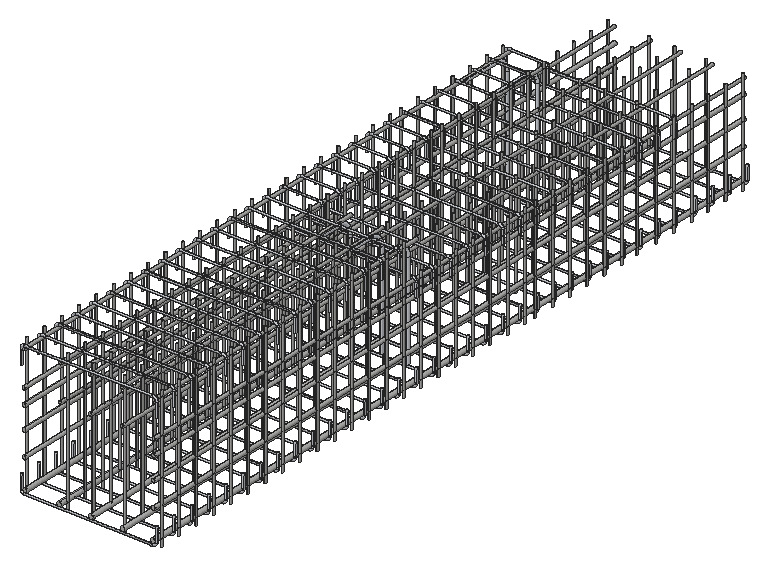
Revit family "261_Каркас пространственный КП4", category Обобщенные модели, Revit 2016 (continued)
Nested families
  nested 113: "361_Арматурная форма 1" at (498, 4035, 377.5) x (0, 0, 1) z (1, 0, 0), type "Параметрический"
    with Рзм.Длина 725 mm, Рзм.Диаметр 12 mm, Орг.УровеньТекстовый "", Орг.ОбознчТома(Комплекта) "", Орг.НомерЛистаЭлемента "", Орг.ИзделиеТипПодсчета 2, Орг.ИдентификацияЭлемента1 "", Орг.ИдентификацияЭлемента "", Мрк.Обозначение "ГОСТ 5781-82", Мрк.Наименование "Ø12 А240 ГОСТ 5781-82", Мрк.МаркаКонструкции "", Мрк.МаркаИзделия3 "", Мрк.МаркаИзделия2 "", Мрк.МаркаИзделия1 "Каркас плоский КР 31", Мрк.МаркаИзделия "Каркас пространственный КП 4", Мрк.Марка "6", Арм.РазмерR 0 mm, Арм.РазмерJ 0 mm, Арм.РазмерG 0 mm, Арм.РазмерF 0 mm, Арм.РазмерE 0 mm, Арм.РазмерD 0 mm, Арм.РазмерC 0 mm, Арм.РазмерB 0 mm, Арм.РазмерA 725 mm, Арм.ПогМетрыВкл no, Арм.КоэфНахлеста 1, Арм.Класс 1240
  nested 114: "361_Арматурная форма 1" at (498, 4170, 377.5) x (0, 0, 1) z (1, 0, 0), type "Параметрический"
    with Рзм.Длина 725 mm, Рзм.Диаметр 12 mm, Орг.УровеньТекстовый "", Орг.ОбознчТома(Комплекта) "", Орг.НомерЛистаЭлемента "", Орг.ИзделиеТипПодсчета 2, Орг.ИдентификацияЭлемента1 "", Орг.ИдентификацияЭлемента "", Мрк.Обозначение "ГОСТ 5781-82", Мрк.Наименование "Ø12 А240 ГОСТ 5781-82", Мрк.МаркаКонструкции "", Мрк.МаркаИзделия3 "", Мрк.МаркаИзделия2 "", Мрк.МаркаИзделия1 "Каркас плоский КР 31", Мрк.МаркаИзделия "Каркас пространственный КП 4", Мрк.Марка "6", Арм.РазмерR 0 mm, Арм.РазмерJ 0 mm, Арм.РазмерG 0 mm, Арм.РазмерF 0 mm, Арм.РазмерE 0 mm, Арм.РазмерD 0 mm, Арм.РазмерC 0 mm, Арм.РазмерB 0 mm, Арм.РазмерA 725 mm, Арм.ПогМетрыВкл no, Арм.КоэфНахлеста 1, Арм.Класс 1240
  nested 115: "361_Арматурная форма 1" at (498, 4335, 377.5) x (0, 0, 1) z (1, 0, 0), type "Параметрический"
    with Рзм.Длина 725 mm, Рзм.Диаметр 12 mm, Орг.УровеньТекстовый "", Орг.ОбознчТома(Комплекта) "", Орг.НомерЛистаЭлемента "", Орг.ИзделиеТипПодсчета 2, Орг.ИдентификацияЭлемента1 "", Орг.ИдентификацияЭлемента "", Мрк.Обозначение "ГОСТ 5781-82", Мрк.Наименование "Ø12 А240 ГОСТ 5781-82", Мрк.МаркаКонструкции "", Мрк.МаркаИзделия3 "", Мрк.МаркаИзделия2 "", Мрк.МаркаИзделия1 "Каркас плоский КР 31", Мрк.МаркаИзделия "Каркас пространственный КП 4", Мрк.Марка "6", Арм.РазмерR 0 mm, Арм.РазмерJ 0 mm, Арм.РазмерG 0 mm, Арм.РазмерF 0 mm, Арм.РазмерE 0 mm, Арм.РазмерD 0 mm, Арм.РазмерC 0 mm, Арм.РазмерB 0 mm, Арм.РазмерA 725 mm, Арм.ПогМетрыВкл no, Арм.КоэфНахлеста 1, Арм.Класс 1240
  nested 116: "361_Арматурная форма 1" at (498, 4485, 377.5) x (0, 0, 1) z (1, 0, 0), type "Параметрический"
    with Рзм.Длина 725 mm, Рзм.Диаметр 12 mm, Орг.УровеньТекстовый "", Орг.ОбознчТома(Комплекта) "", Орг.НомерЛистаЭлемента "", Орг.ИзделиеТипПодсчета 2, Орг.ИдентификацияЭлемента1 "", Орг.ИдентификацияЭлемента "", Мрк.Обозначение "ГОСТ 5781-82", Мрк.Наименование "Ø12 А240 ГОСТ 5781-82", Мрк.МаркаКонструкции "", Мрк.МаркаИзделия3 "", Мрк.МаркаИзделия2 "", Мрк.МаркаИзделия1 "Каркас плоский КР 31", Мрк.МаркаИзделия "Каркас пространственный КП 4", Мрк.Марка "6", Арм.РазмерR 0 mm, Арм.РазмерJ 0 mm, Арм.РазмерG 0 mm, Арм.РазмерF 0 mm, Арм.РазмерE 0 mm, Арм.РазмерD 0 mm, Арм.РазмерC 0 mm, Арм.РазмерB 0 mm, Арм.РазмерA 725 mm, Арм.ПогМетрыВкл no, Арм.КоэфНахлеста 1, Арм.Класс 1240
  nested 117: "361_Арматурная форма 1" at (498, 4645, 377.5) x (0, 0, 1) z (1, 0, 0), type "Параметрический"
    with Рзм.Длина 725 mm, Рзм.Диаметр 12 mm, Орг.УровеньТекстовый "", Орг.ОбознчТома(Комплекта) "", Орг.НомерЛистаЭлемента "", Орг.ИзделиеТипПодсчета 2, Орг.ИдентификацияЭлемента1 "", Орг.ИдентификацияЭлемента "", Мрк.Обозначение "ГОСТ 5781-82", Мрк.Наименование "Ø12 А240 ГОСТ 5781-82", Мрк.МаркаКонструкции "", Мрк.МаркаИзделия3 "", Мрк.МаркаИзделия2 "", Мрк.МаркаИзделия1 "Каркас плоский КР 31", Мрк.МаркаИзделия "Каркас пространственный КП 4", Мрк.Марка "6", Арм.РазмерR 0 mm, Арм.РазмерJ 0 mm, Арм.РазмерG 0 mm, Арм.РазмерF 0 mm, Арм.РазмерE 0 mm, Арм.РазмерD 0 mm, Арм.РазмерC 0 mm, Арм.РазмерB 0 mm, Арм.РазмерA 725 mm, Арм.ПогМетрыВкл no, Арм.КоэфНахлеста 1, Арм.Класс 1240
  nested 118: "361_Арматурная форма 1" at (498, 4785, 377.5) x (0, 0, 1) z (1, 0, 0), type "Параметрический"
    with Рзм.Длина 725 mm, Рзм.Диаметр 12 mm, Орг.УровеньТекстовый "", Орг.ОбознчТома(Комплекта) "", Орг.НомерЛистаЭлемента "", Орг.ИзделиеТипПодсчета 2, Орг.ИдентификацияЭлемента1 "", Орг.ИдентификацияЭлемента "", Мрк.Обозначение "ГОСТ 5781-82", Мрк.Наименование "Ø12 А240 ГОСТ 5781-82", Мрк.МаркаКонструкции "", Мрк.МаркаИзделия3 "", Мрк.МаркаИзделия2 "", Мрк.МаркаИзделия1 "Каркас плоский КР 31", Мрк.МаркаИзделия "Каркас пространственный КП 4", Мрк.Марка "6", Арм.РазмерR 0 mm, Арм.РазмерJ 0 mm, Арм.РазмерG 0 mm, Арм.РазмерF 0 mm, Арм.РазмерE 0 mm, Арм.РазмерD 0 mm, Арм.РазмерC 0 mm, Арм.РазмерB 0 mm, Арм.РазмерA 725 mm, Арм.ПогМетрыВкл no, Арм.КоэфНахлеста 1, Арм.Класс 1240
  nested 119: "361_Арматурная форма 1" at (498, 4935, 377.5) x (0, 0, 1) z (1, 0, 0), type "Параметрический"
    with Рзм.Длина 725 mm, Рзм.Диаметр 12 mm, Орг.УровеньТекстовый "", Орг.ОбознчТома(Комплекта) "", Орг.НомерЛистаЭлемента "", Орг.ИзделиеТипПодсчета 2, Орг.ИдентификацияЭлемента1 "", Орг.ИдентификацияЭлемента "", Мрк.Обозначение "ГОСТ 5781-82", Мрк.Наименование "Ø12 А240 ГОСТ 5781-82", Мрк.МаркаКонструкции "", Мрк.МаркаИзделия3 "", Мрк.МаркаИзделия2 "", Мрк.МаркаИзделия1 "Каркас плоский КР 31", Мрк.МаркаИзделия "Каркас пространственный КП 4", Мрк.Марка "6", Арм.РазмерR 0 mm, Арм.РазмерJ 0 mm, Арм.РазмерG 0 mm, Арм.РазмерF 0 mm, Арм.РазмерE 0 mm, Арм.РазмерD 0 mm, Арм.РазмерC 0 mm, Арм.РазмерB 0 mm, Арм.РазмерA 725 mm, Арм.ПогМетрыВкл no, Арм.КоэфНахлеста 1, Арм.Класс 1240
  nested 120: "361_Арматурная форма 1" at (498, 5085, 377.5) x (0, 0, 1) z (1, 0, 0), type "Параметрический"
    with Рзм.Длина 725 mm, Рзм.Диаметр 12 mm, Орг.УровеньТекстовый "", Орг.ОбознчТома(Комплекта) "", Орг.НомерЛистаЭлемента "", Орг.ИзделиеТипПодсчета 2, Орг.ИдентификацияЭлемента1 "", Орг.ИдентификацияЭлемента "", Мрк.Обозначение "ГОСТ 5781-82", Мрк.Наименование "Ø12 А240 ГОСТ 5781-82", Мрк.МаркаКонструкции "", Мрк.МаркаИзделия3 "", Мрк.МаркаИзделия2 "", Мрк.МаркаИзделия1 "Каркас плоский КР 31", Мрк.МаркаИзделия "Каркас пространственный КП 4", Мрк.Марка "6", Арм.РазмерR 0 mm, Арм.РазмерJ 0 mm, Арм.РазмерG 0 mm, Арм.РазмерF 0 mm, Арм.РазмерE 0 mm, Арм.РазмерD 0 mm, Арм.РазмерC 0 mm, Арм.РазмерB 0 mm, Арм.РазмерA 725 mm, Арм.ПогМетрыВкл no, Арм.КоэфНахлеста 1, Арм.Класс 1240
  nested 121: "361_Арматурная форма 1" at (514, 1130, 940) x (0, -1, 0) z (1, 0, 0), type "Параметрический"
    with Рзм.Длина 2260 mm, Рзм.Диаметр 20 mm, Орг.УровеньТекстовый "", Орг.ОбознчТома(Комплекта) "", Орг.НомерЛистаЭлемента "", Орг.ИзделиеТипПодсчета 2, Орг.ИдентификацияЭлемента1 "", Орг.ИдентификацияЭлемента "", Мрк.Обозначение "ГОСТ 5781-82", Мрк.Наименование "Ø20 А240 ГОСТ 5781-82", Мрк.МаркаКонструкции "", Мрк.МаркаИзделия3 "", Мрк.МаркаИзделия2 "", Мрк.МаркаИзделия1 "Каркас плоский КР 31", Мрк.МаркаИзделия "Каркас пространственный КП 4", Мрк.Марка "4", Арм.РазмерR 0 mm, Арм.РазмерJ 0 mm, Арм.РазмерG 0 mm, Арм.РазмерF 0 mm, Арм.РазмерE 0 mm, Арм.РазмерD 0 mm, Арм.РазмерC 0 mm, Арм.РазмерB 0 mm, Арм.РазмерA 2260 mm, Арм.ПогМетрыВкл no, Арм.КоэфНахлеста 1, Арм.Класс 1240
  nested 122: "361_Арматурная форма 1" at (514, 2560, 695) x (0, -1, 0) z (1, 0, 0), type "Параметрический"
    with Рзм.Длина 5120 mm, Рзм.Диаметр 20 mm, Орг.УровеньТекстовый "", Орг.ОбознчТома(Комплекта) "", Орг.НомерЛистаЭлемента "", Орг.ИзделиеТипПодсчета 2, Орг.ИдентификацияЭлемента1 "", Орг.ИдентификацияЭлемента "", Мрк.Обозначение "ГОСТ 5781-82", Мрк.Наименование "Ø20 А240 ГОСТ 5781-82", Мрк.МаркаКонструкции "", Мрк.МаркаИзделия3 "", Мрк.МаркаИзделия2 "", Мрк.МаркаИзделия1 "Каркас плоский КР 31", Мрк.МаркаИзделия "Каркас пространственный КП 4", Мрк.Марка "3", Арм.РазмерR 0 mm, Арм.РазмерJ 0 mm, Арм.РазмерG 0 mm, Арм.РазмерF 0 mm, Арм.РазмерE 0 mm, Арм.РазмерD 0 mm, Арм.РазмерC 0 mm, Арм.РазмерB 0 mm, Арм.РазмерA 5120 mm, Арм.ПогМетрыВкл no, Арм.КоэфНахлеста 1, Арм.Класс 1240
  nested 123: "361_Арматурная форма 1" at (520, 2560, 60) x (0, -1, 0) z (1, 0, 0), type "Параметрический"
    with Рзм.Длина 5120 mm, Рзм.Диаметр 32 mm, Орг.УровеньТекстовый "", Орг.ОбознчТома(Комплекта) "", Орг.НомерЛистаЭлемента "", Орг.ИзделиеТипПодсчета 2, Орг.ИдентификацияЭлемента1 "", Орг.ИдентификацияЭлемента "", Мрк.Обозначение "ГОСТ 5781-82", Мрк.Наименование "Арматура не специфицирована", Мрк.МаркаКонструкции "", Мрк.МаркаИзделия3 "", Мрк.МаркаИзделия2 "", Мрк.МаркаИзделия1 "Каркас плоский КР 31", Мрк.МаркаИзделия "Каркас пространственный КП 4", Мрк.Марка "1", Арм.РазмерR 0 mm, Арм.РазмерJ 0 mm, Арм.РазмерG 0 mm, Арм.РазмерF 0 mm, Арм.РазмерE 0 mm, Арм.РазмерD 0 mm, Арм.РазмерC 0 mm, Арм.РазмерB 0 mm, Арм.РазмерA 5120 mm, Арм.ПогМетрыВкл no, Арм.КоэфНахлеста 1, Арм.Класс 1240
  nested 124: "261_Каркас плоский КР 32" at (972, 0, 0) x (0, 1, 0) z (1, 0, 0), Орг.ИдентификацияЭлемента <- "Орг.ИдентификацияЭлемента", Орг.ИдентификацияЭлемента1 <- "Орг.ИдентификацияЭлемента1", Орг.ИдентификацияЭлемента2 <- "Орг.ИдентификацияЭлемента2", Мрк.МаркаИзделия <- "Мрк.МаркаИзделия", Мрк.МаркаКонструкции <- "Мрк.МаркаКонструкции", Орг.ОбознчТома(Комплекта) <- "Орг.ОбознчТома(Комплекта)", Орг.УровеньТекстовый <- "Орг.УровеньТекстовый", type "261_Каркас плоский КР 32"
    with Орг.УровеньТекстовый "", Орг.ОбознчТома(Комплекта) "", Орг.НомерЛистаЭлемента "", Орг.ИзделиеТипПодсчета 8, Орг.ИдентификацияЭлемента2 "", Орг.ИдентификацияЭлемента1 "", Орг.ИдентификацияЭлемента "", Мрк.Обозначение "", Мрк.Наименование "Каркас плоский КР 31", Мрк.МаркаКонструкции "", Мрк.МаркаИзделия3 "", Мрк.МаркаИзделия2 "", Мрк.МаркаИзделия1 "Каркас плоский КР 31", Мрк.МаркаИзделия "Каркас пространственный КП 4", Мрк.Марка "5"
  nested 125: "361_Арматурная форма 1" at (972, 45, 500) x (0, 0, 1) z (1, 0, 0), type "Параметрический"
    with Рзм.Длина 970 mm, Рзм.Диаметр 12 mm, Орг.УровеньТекстовый "", Орг.ОбознчТома(Комплекта) "", Орг.НомерЛистаЭлемента "", Орг.ИзделиеТипПодсчета 2, Орг.ИдентификацияЭлемента1 "", Орг.ИдентификацияЭлемента "", Мрк.Обозначение "ГОСТ 5781-82", Мрк.Наименование "Ø12 А240 ГОСТ 5781-82", Мрк.МаркаКонструкции "", Мрк.МаркаИзделия3 "", Мрк.МаркаИзделия2 "", Мрк.МаркаИзделия1 "Каркас плоский КР 31", Мрк.МаркаИзделия "Каркас пространственный КП 4", Мрк.Марка "5", Арм.РазмерR 0 mm, Арм.РазмерJ 0 mm, Арм.РазмерG 0 mm, Арм.РазмерF 0 mm, Арм.РазмерE 0 mm, Арм.РазмерD 0 mm, Арм.РазмерC 0 mm, Арм.РазмерB 0 mm, Арм.РазмерA 970 mm, Арм.ПогМетрыВкл no, Арм.КоэфНахлеста 1, Арм.Класс 1240
  nested 126: "361_Арматурная форма 2" at (936, 2225, 559.782) x (0, 0, -1) z (1, 0, 0), type "Параметрический"
    with Рзм.РасчетныйРадиус 90 mm, Рзм.Длина 985.664 mm, Рзм.Диаметр 20 mm, Орг.УровеньТекстовый "", Орг.ОбознчТома(Комплекта) "", Орг.НомерЛистаЭлемента "", Орг.ИзделиеТипПодсчета 2, Орг.ИдентификацияЭлемента2 "", Орг.ИдентификацияЭлемента1 "", Орг.ИдентификацияЭлемента "", Мсв.Количество 1, Мрк.Обозначение "ГОСТ 5781-82", Мрк.Наименование "Ø20 А240 ГОСТ 5781-82", Мрк.МаркаКонструкции "", Мрк.МаркаИзделия3 "", Мрк.МаркаИзделия2 "", Мрк.МаркаИзделия1 "Каркас плоский КР 31", Мрк.МаркаИзделия "Каркас пространственный КП 4", Мрк.Марка "8", Арм.РазмерR 80 mm, Арм.РазмерJ 0 mm, Арм.РазмерG 0 mm, Арм.РазмерF 0 mm, Арм.РазмерE 0 mm, Арм.РазмерD 0 mm, Арм.РазмерC 0 mm, Арм.РазмерB 760 mm, Арм.РазмерA 260 mm, Арм.ПогМетрыВкл no, Арм.КоэфНахлеста 1, Арм.Класс 1240
  nested 127: "361_Арматурная форма 1" at (972, 195, 500) x (0, 0, 1) z (1, 0, 0), type "Параметрический"
    with Рзм.Длина 970 mm, Рзм.Диаметр 12 mm, Орг.УровеньТекстовый "", Орг.ОбознчТома(Комплекта) "", Орг.НомерЛистаЭлемента "", Орг.ИзделиеТипПодсчета 2, Орг.ИдентификацияЭлемента1 "", Орг.ИдентификацияЭлемента "", Мрк.Обозначение "ГОСТ 5781-82", Мрк.Наименование "Ø12 А240 ГОСТ 5781-82", Мрк.МаркаКонструкции "", Мрк.МаркаИзделия3 "", Мрк.МаркаИзделия2 "", Мрк.МаркаИзделия1 "Каркас плоский КР 31", Мрк.МаркаИзделия "Каркас пространственный КП 4", Мрк.Марка "5", Арм.РазмерR 0 mm, Арм.РазмерJ 0 mm, Арм.РазмерG 0 mm, Арм.РазмерF 0 mm, Арм.РазмерE 0 mm, Арм.РазмерD 0 mm, Арм.РазмерC 0 mm, Арм.РазмерB 0 mm, Арм.РазмерA 970 mm, Арм.ПогМетрыВкл no, Арм.КоэфНахлеста 1, Арм.Класс 1240
  nested 128: "361_Арматурная форма 1" at (972, 345, 500) x (0, 0, 1) z (1, 0, 0), type "Параметрический"
    with Рзм.Длина 970 mm, Рзм.Диаметр 12 mm, Орг.УровеньТекстовый "", Орг.ОбознчТома(Комплекта) "", Орг.НомерЛистаЭлемента "", Орг.ИзделиеТипПодсчета 2, Орг.ИдентификацияЭлемента1 "", Орг.ИдентификацияЭлемента "", Мрк.Обозначение "ГОСТ 5781-82", Мрк.Наименование "Ø12 А240 ГОСТ 5781-82", Мрк.МаркаКонструкции "", Мрк.МаркаИзделия3 "", Мрк.МаркаИзделия2 "", Мрк.МаркаИзделия1 "Каркас плоский КР 31", Мрк.МаркаИзделия "Каркас пространственный КП 4", Мрк.Марка "5", Арм.РазмерR 0 mm, Арм.РазмерJ 0 mm, Арм.РазмерG 0 mm, Арм.РазмерF 0 mm, Арм.РазмерE 0 mm, Арм.РазмерD 0 mm, Арм.РазмерC 0 mm, Арм.РазмерB 0 mm, Арм.РазмерA 970 mm, Арм.ПогМетрыВкл no, Арм.КоэфНахлеста 1, Арм.Класс 1240
  nested 129: "361_Арматурная форма 1" at (972, 495, 500) x (0, 0, 1) z (1, 0, 0), type "Параметрический"
    with Рзм.Длина 970 mm, Рзм.Диаметр 12 mm, Орг.УровеньТекстовый "", Орг.ОбознчТома(Комплекта) "", Орг.НомерЛистаЭлемента "", Орг.ИзделиеТипПодсчета 2, Орг.ИдентификацияЭлемента1 "", Орг.ИдентификацияЭлемента "", Мрк.Обозначение "ГОСТ 5781-82", Мрк.Наименование "Ø12 А240 ГОСТ 5781-82", Мрк.МаркаКонструкции "", Мрк.МаркаИзделия3 "", Мрк.МаркаИзделия2 "", Мрк.МаркаИзделия1 "Каркас плоский КР 31", Мрк.МаркаИзделия "Каркас пространственный КП 4", Мрк.Марка "5", Арм.РазмерR 0 mm, Арм.РазмерJ 0 mm, Арм.РазмерG 0 mm, Арм.РазмерF 0 mm, Арм.РазмерE 0 mm, Арм.РазмерD 0 mm, Арм.РазмерC 0 mm, Арм.РазмерB 0 mm, Арм.РазмерA 970 mm, Арм.ПогМетрыВкл no, Арм.КоэфНахлеста 1, Арм.Класс 1240
  nested 130: "361_Арматурная форма 1" at (972, 645, 500) x (0, 0, 1) z (1, 0, 0), type "Параметрический"
    with Рзм.Длина 970 mm, Рзм.Диаметр 12 mm, Орг.УровеньТекстовый "", Орг.ОбознчТома(Комплекта) "", Орг.НомерЛистаЭлемента "", Орг.ИзделиеТипПодсчета 2, Орг.ИдентификацияЭлемента1 "", Орг.ИдентификацияЭлемента "", Мрк.Обозначение "ГОСТ 5781-82", Мрк.Наименование "Ø12 А240 ГОСТ 5781-82", Мрк.МаркаКонструкции "", Мрк.МаркаИзделия3 "", Мрк.МаркаИзделия2 "", Мрк.МаркаИзделия1 "Каркас плоский КР 31", Мрк.МаркаИзделия "Каркас пространственный КП 4", Мрк.Марка "5", Арм.РазмерR 0 mm, Арм.РазмерJ 0 mm, Арм.РазмерG 0 mm, Арм.РазмерF 0 mm, Арм.РазмерE 0 mm, Арм.РазмерD 0 mm, Арм.РазмерC 0 mm, Арм.РазмерB 0 mm, Арм.РазмерA 970 mm, Арм.ПогМетрыВкл no, Арм.КоэфНахлеста 1, Арм.Класс 1240
  nested 131: "361_Арматурная форма 1" at (972, 795, 500) x (0, 0, 1) z (1, 0, 0), type "Параметрический"
    with Рзм.Длина 970 mm, Рзм.Диаметр 12 mm, Орг.УровеньТекстовый "", Орг.ОбознчТома(Комплекта) "", Орг.НомерЛистаЭлемента "", Орг.ИзделиеТипПодсчета 2, Орг.ИдентификацияЭлемента1 "", Орг.ИдентификацияЭлемента "", Мрк.Обозначение "ГОСТ 5781-82", Мрк.Наименование "Ø12 А240 ГОСТ 5781-82", Мрк.МаркаКонструкции "", Мрк.МаркаИзделия3 "", Мрк.МаркаИзделия2 "", Мрк.МаркаИзделия1 "Каркас плоский КР 31", Мрк.МаркаИзделия "Каркас пространственный КП 4", Мрк.Марка "5", Арм.РазмерR 0 mm, Арм.РазмерJ 0 mm, Арм.РазмерG 0 mm, Арм.РазмерF 0 mm, Арм.РазмерE 0 mm, Арм.РазмерD 0 mm, Арм.РазмерC 0 mm, Арм.РазмерB 0 mm, Арм.РазмерA 970 mm, Арм.ПогМетрыВкл no, Арм.КоэфНахлеста 1, Арм.Класс 1240
  nested 132: "361_Арматурная форма 1" at (972, 945, 500) x (0, 0, 1) z (1, 0, 0), type "Параметрический"
    with Рзм.Длина 970 mm, Рзм.Диаметр 12 mm, Орг.УровеньТекстовый "", Орг.ОбознчТома(Комплекта) "", Орг.НомерЛистаЭлемента "", Орг.ИзделиеТипПодсчета 2, Орг.ИдентификацияЭлемента1 "", Орг.ИдентификацияЭлемента "", Мрк.Обозначение "ГОСТ 5781-82", Мрк.Наименование "Ø12 А240 ГОСТ 5781-82", Мрк.МаркаКонструкции "", Мрк.МаркаИзделия3 "", Мрк.МаркаИзделия2 "", Мрк.МаркаИзделия1 "Каркас плоский КР 31", Мрк.МаркаИзделия "Каркас пространственный КП 4", Мрк.Марка "5", Арм.РазмерR 0 mm, Арм.РазмерJ 0 mm, Арм.РазмерG 0 mm, Арм.РазмерF 0 mm, Арм.РазмерE 0 mm, Арм.РазмерD 0 mm, Арм.РазмерC 0 mm, Арм.РазмерB 0 mm, Арм.РазмерA 970 mm, Арм.ПогМетрыВкл no, Арм.КоэфНахлеста 1, Арм.Класс 1240
  nested 133: "361_Арматурная форма 1" at (972, 1095, 500) x (0, 0, 1) z (1, 0, 0), type "Параметрический"
    with Рзм.Длина 970 mm, Рзм.Диаметр 12 mm, Орг.УровеньТекстовый "", Орг.ОбознчТома(Комплекта) "", Орг.НомерЛистаЭлемента "", Орг.ИзделиеТипПодсчета 2, Орг.ИдентификацияЭлемента1 "", Орг.ИдентификацияЭлемента "", Мрк.Обозначение "ГОСТ 5781-82", Мрк.Наименование "Ø12 А240 ГОСТ 5781-82", Мрк.МаркаКонструкции "", Мрк.МаркаИзделия3 "", Мрк.МаркаИзделия2 "", Мрк.МаркаИзделия1 "Каркас плоский КР 31", Мрк.МаркаИзделия "Каркас пространственный КП 4", Мрк.Марка "5", Арм.РазмерR 0 mm, Арм.РазмерJ 0 mm, Арм.РазмерG 0 mm, Арм.РазмерF 0 mm, Арм.РазмерE 0 mm, Арм.РазмерD 0 mm, Арм.РазмерC 0 mm, Арм.РазмерB 0 mm, Арм.РазмерA 970 mm, Арм.ПогМетрыВкл no, Арм.КоэфНахлеста 1, Арм.Класс 1240
  nested 134: "361_Арматурная форма 1" at (972, 1245, 500) x (0, 0, 1) z (1, 0, 0), type "Параметрический"
    with Рзм.Длина 970 mm, Рзм.Диаметр 12 mm, Орг.УровеньТекстовый "", Орг.ОбознчТома(Комплекта) "", Орг.НомерЛистаЭлемента "", Орг.ИзделиеТипПодсчета 2, Орг.ИдентификацияЭлемента1 "", Орг.ИдентификацияЭлемента "", Мрк.Обозначение "ГОСТ 5781-82", Мрк.Наименование "Ø12 А240 ГОСТ 5781-82", Мрк.МаркаКонструкции "", Мрк.МаркаИзделия3 "", Мрк.МаркаИзделия2 "", Мрк.МаркаИзделия1 "Каркас плоский КР 31", Мрк.МаркаИзделия "Каркас пространственный КП 4", Мрк.Марка "5", Арм.РазмерR 0 mm, Арм.РазмерJ 0 mm, Арм.РазмерG 0 mm, Арм.РазмерF 0 mm, Арм.РазмерE 0 mm, Арм.РазмерD 0 mm, Арм.РазмерC 0 mm, Арм.РазмерB 0 mm, Арм.РазмерA 970 mm, Арм.ПогМетрыВкл no, Арм.КоэфНахлеста 1, Арм.Класс 1240
  nested 135: "361_Арматурная форма 1" at (972, 1395, 500) x (0, 0, 1) z (1, 0, 0), type "Параметрический"
    with Рзм.Длина 970 mm, Рзм.Диаметр 12 mm, Орг.УровеньТекстовый "", Орг.ОбознчТома(Комплекта) "", Орг.НомерЛистаЭлемента "", Орг.ИзделиеТипПодсчета 2, Орг.ИдентификацияЭлемента1 "", Орг.ИдентификацияЭлемента "", Мрк.Обозначение "ГОСТ 5781-82", Мрк.Наименование "Ø12 А240 ГОСТ 5781-82", Мрк.МаркаКонструкции "", Мрк.МаркаИзделия3 "", Мрк.МаркаИзделия2 "", Мрк.МаркаИзделия1 "Каркас плоский КР 31", Мрк.МаркаИзделия "Каркас пространственный КП 4", Мрк.Марка "5", Арм.РазмерR 0 mm, Арм.РазмерJ 0 mm, Арм.РазмерG 0 mm, Арм.РазмерF 0 mm, Арм.РазмерE 0 mm, Арм.РазмерD 0 mm, Арм.РазмерC 0 mm, Арм.РазмерB 0 mm, Арм.РазмерA 970 mm, Арм.ПогМетрыВкл no, Арм.КоэфНахлеста 1, Арм.Класс 1240
  nested 136: "361_Арматурная форма 1" at (972, 1545, 500) x (0, 0, 1) z (1, 0, 0), type "Параметрический"
    with Рзм.Длина 970 mm, Рзм.Диаметр 12 mm, Орг.УровеньТекстовый "", Орг.ОбознчТома(Комплекта) "", Орг.НомерЛистаЭлемента "", Орг.ИзделиеТипПодсчета 2, Орг.ИдентификацияЭлемента1 "", Орг.ИдентификацияЭлемента "", Мрк.Обозначение "ГОСТ 5781-82", Мрк.Наименование "Ø12 А240 ГОСТ 5781-82", Мрк.МаркаКонструкции "", Мрк.МаркаИзделия3 "", Мрк.МаркаИзделия2 "", Мрк.МаркаИзделия1 "Каркас плоский КР 31", Мрк.МаркаИзделия "Каркас пространственный КП 4", Мрк.Марка "5", Арм.РазмерR 0 mm, Арм.РазмерJ 0 mm, Арм.РазмерG 0 mm, Арм.РазмерF 0 mm, Арм.РазмерE 0 mm, Арм.РазмерD 0 mm, Арм.РазмерC 0 mm, Арм.РазмерB 0 mm, Арм.РазмерA 970 mm, Арм.ПогМетрыВкл no, Арм.КоэфНахлеста 1, Арм.Класс 1240
  nested 137: "361_Арматурная форма 1" at (972, 1695, 500) x (0, 0, 1) z (1, 0, 0), type "Параметрический"
    with Рзм.Длина 970 mm, Рзм.Диаметр 12 mm, Орг.УровеньТекстовый "", Орг.ОбознчТома(Комплекта) "", Орг.НомерЛистаЭлемента "", Орг.ИзделиеТипПодсчета 2, Орг.ИдентификацияЭлемента1 "", Орг.ИдентификацияЭлемента "", Мрк.Обозначение "ГОСТ 5781-82", Мрк.Наименование "Ø12 А240 ГОСТ 5781-82", Мрк.МаркаКонструкции "", Мрк.МаркаИзделия3 "", Мрк.МаркаИзделия2 "", Мрк.МаркаИзделия1 "Каркас плоский КР 31", Мрк.МаркаИзделия "Каркас пространственный КП 4", Мрк.Марка "5", Арм.РазмерR 0 mm, Арм.РазмерJ 0 mm, Арм.РазмерG 0 mm, Арм.РазмерF 0 mm, Арм.РазмерE 0 mm, Арм.РазмерD 0 mm, Арм.РазмерC 0 mm, Арм.РазмерB 0 mm, Арм.РазмерA 970 mm, Арм.ПогМетрыВкл no, Арм.КоэфНахлеста 1, Арм.Класс 1240
  nested 138: "361_Арматурная форма 1" at (972, 1845, 500) x (0, 0, 1) z (1, 0, 0), type "Параметрический"
    with Рзм.Длина 970 mm, Рзм.Диаметр 12 mm, Орг.УровеньТекстовый "", Орг.ОбознчТома(Комплекта) "", Орг.НомерЛистаЭлемента "", Орг.ИзделиеТипПодсчета 2, Орг.ИдентификацияЭлемента1 "", Орг.ИдентификацияЭлемента "", Мрк.Обозначение "ГОСТ 5781-82", Мрк.Наименование "Ø12 А240 ГОСТ 5781-82", Мрк.МаркаКонструкции "", Мрк.МаркаИзделия3 "", Мрк.МаркаИзделия2 "", Мрк.МаркаИзделия1 "Каркас плоский КР 31", Мрк.МаркаИзделия "Каркас пространственный КП 4", Мрк.Марка "5", Арм.РазмерR 0 mm, Арм.РазмерJ 0 mm, Арм.РазмерG 0 mm, Арм.РазмерF 0 mm, Арм.РазмерE 0 mm, Арм.РазмерD 0 mm, Арм.РазмерC 0 mm, Арм.РазмерB 0 mm, Арм.РазмерA 970 mm, Арм.ПогМетрыВкл no, Арм.КоэфНахлеста 1, Арм.Класс 1240
  nested 139: "361_Арматурная форма 1" at (972, 1995, 500) x (0, 0, 1) z (1, 0, 0), type "Параметрический"
    with Рзм.Длина 970 mm, Рзм.Диаметр 12 mm, Орг.УровеньТекстовый "", Орг.ОбознчТома(Комплекта) "", Орг.НомерЛистаЭлемента "", Орг.ИзделиеТипПодсчета 2, Орг.ИдентификацияЭлемента1 "", Орг.ИдентификацияЭлемента "", Мрк.Обозначение "ГОСТ 5781-82", Мрк.Наименование "Ø12 А240 ГОСТ 5781-82", Мрк.МаркаКонструкции "", Мрк.МаркаИзделия3 "", Мрк.МаркаИзделия2 "", Мрк.МаркаИзделия1 "Каркас плоский КР 31", Мрк.МаркаИзделия "Каркас пространственный КП 4", Мрк.Марка "5", Арм.РазмерR 0 mm, Арм.РазмерJ 0 mm, Арм.РазмерG 0 mm, Арм.РазмерF 0 mm, Арм.РазмерE 0 mm, Арм.РазмерD 0 mm, Арм.РазмерC 0 mm, Арм.РазмерB 0 mm, Арм.РазмерA 970 mm, Арм.ПогМетрыВкл no, Арм.КоэфНахлеста 1, Арм.Класс 1240
  nested 140: "361_Арматурная форма 1" at (972, 2145, 500) x (0, 0, 1) z (1, 0, 0), type "Параметрический"
    with Рзм.Длина 970 mm, Рзм.Диаметр 12 mm, Орг.УровеньТекстовый "", Орг.ОбознчТома(Комплекта) "", Орг.НомерЛистаЭлемента "", Орг.ИзделиеТипПодсчета 2, Орг.ИдентификацияЭлемента1 "", Орг.ИдентификацияЭлемента "", Мрк.Обозначение "ГОСТ 5781-82", Мрк.Наименование "Ø12 А240 ГОСТ 5781-82", Мрк.МаркаКонструкции "", Мрк.МаркаИзделия3 "", Мрк.МаркаИзделия2 "", Мрк.МаркаИзделия1 "Каркас плоский КР 31", Мрк.МаркаИзделия "Каркас пространственный КП 4", Мрк.Марка "5", Арм.РазмерR 0 mm, Арм.РазмерJ 0 mm, Арм.РазмерG 0 mm, Арм.РазмерF 0 mm, Арм.РазмерE 0 mm, Арм.РазмерD 0 mm, Арм.РазмерC 0 mm, Арм.РазмерB 0 mm, Арм.РазмерA 970 mm, Арм.ПогМетрыВкл no, Арм.КоэфНахлеста 1, Арм.Класс 1240
  nested 141: "361_Арматурная форма 1" at (972, 2295, 377.5) x (0, 0, 1) z (1, 0, 0), type "Параметрический"
    with Рзм.Длина 725 mm, Рзм.Диаметр 12 mm, Орг.УровеньТекстовый "", Орг.ОбознчТома(Комплекта) "", Орг.НомерЛистаЭлемента "", Орг.ИзделиеТипПодсчета 2, Орг.ИдентификацияЭлемента1 "", Орг.ИдентификацияЭлемента "", Мрк.Обозначение "ГОСТ 5781-82", Мрк.Наименование "Ø12 А240 ГОСТ 5781-82", Мрк.МаркаКонструкции "", Мрк.МаркаИзделия3 "", Мрк.МаркаИзделия2 "", Мрк.МаркаИзделия1 "Каркас плоский КР 31", Мрк.МаркаИзделия "Каркас пространственный КП 4", Мрк.Марка "6", Арм.РазмерR 0 mm, Арм.РазмерJ 0 mm, Арм.РазмерG 0 mm, Арм.РазмерF 0 mm, Арм.РазмерE 0 mm, Арм.РазмерD 0 mm, Арм.РазмерC 0 mm, Арм.РазмерB 0 mm, Арм.РазмерA 725 mm, Арм.ПогМетрыВкл no, Арм.КоэфНахлеста 1, Арм.Класс 1240
  nested 142: "361_Арматурная форма 1" at (972, 2445, 377.5) x (0, 0, 1) z (1, 0, 0), type "Параметрический"
    with Рзм.Длина 725 mm, Рзм.Диаметр 12 mm, Орг.УровеньТекстовый "", Орг.ОбознчТома(Комплекта) "", Орг.НомерЛистаЭлемента "", Орг.ИзделиеТипПодсчета 2, Орг.ИдентификацияЭлемента1 "", Орг.ИдентификацияЭлемента "", Мрк.Обозначение "ГОСТ 5781-82", Мрк.Наименование "Ø12 А240 ГОСТ 5781-82", Мрк.МаркаКонструкции "", Мрк.МаркаИзделия3 "", Мрк.МаркаИзделия2 "", Мрк.МаркаИзделия1 "Каркас плоский КР 31", Мрк.МаркаИзделия "Каркас пространственный КП 4", Мрк.Марка "6", Арм.РазмерR 0 mm, Арм.РазмерJ 0 mm, Арм.РазмерG 0 mm, Арм.РазмерF 0 mm, Арм.РазмерE 0 mm, Арм.РазмерD 0 mm, Арм.РазмерC 0 mm, Арм.РазмерB 0 mm, Арм.РазмерA 725 mm, Арм.ПогМетрыВкл no, Арм.КоэфНахлеста 1, Арм.Класс 1240
  nested 143: "361_Арматурная форма 1" at (972, 2595, 377.5) x (0, 0, 1) z (1, 0, 0), type "Параметрический"
    with Рзм.Длина 725 mm, Рзм.Диаметр 12 mm, Орг.УровеньТекстовый "", Орг.ОбознчТома(Комплекта) "", Орг.НомерЛистаЭлемента "", Орг.ИзделиеТипПодсчета 2, Орг.ИдентификацияЭлемента1 "", Орг.ИдентификацияЭлемента "", Мрк.Обозначение "ГОСТ 5781-82", Мрк.Наименование "Ø12 А240 ГОСТ 5781-82", Мрк.МаркаКонструкции "", Мрк.МаркаИзделия3 "", Мрк.МаркаИзделия2 "", Мрк.МаркаИзделия1 "Каркас плоский КР 31", Мрк.МаркаИзделия "Каркас пространственный КП 4", Мрк.Марка "6", Арм.РазмерR 0 mm, Арм.РазмерJ 0 mm, Арм.РазмерG 0 mm, Арм.РазмерF 0 mm, Арм.РазмерE 0 mm, Арм.РазмерD 0 mm, Арм.РазмерC 0 mm, Арм.РазмерB 0 mm, Арм.РазмерA 725 mm, Арм.ПогМетрыВкл no, Арм.КоэфНахлеста 1, Арм.Класс 1240
  nested 144: "361_Арматурная форма 1" at (972, 2745, 377.5) x (0, 0, 1) z (1, 0, 0), type "Параметрический"
    with Рзм.Длина 725 mm, Рзм.Диаметр 12 mm, Орг.УровеньТекстовый "", Орг.ОбознчТома(Комплекта) "", Орг.НомерЛистаЭлемента "", Орг.ИзделиеТипПодсчета 2, Орг.ИдентификацияЭлемента1 "", Орг.ИдентификацияЭлемента "", Мрк.Обозначение "ГОСТ 5781-82", Мрк.Наименование "Ø12 А240 ГОСТ 5781-82", Мрк.МаркаКонструкции "", Мрк.МаркаИзделия3 "", Мрк.МаркаИзделия2 "", Мрк.МаркаИзделия1 "Каркас плоский КР 31", Мрк.МаркаИзделия "Каркас пространственный КП 4", Мрк.Марка "6", Арм.РазмерR 0 mm, Арм.РазмерJ 0 mm, Арм.РазмерG 0 mm, Арм.РазмерF 0 mm, Арм.РазмерE 0 mm, Арм.РазмерD 0 mm, Арм.РазмерC 0 mm, Арм.РазмерB 0 mm, Арм.РазмерA 725 mm, Арм.ПогМетрыВкл no, Арм.КоэфНахлеста 1, Арм.Класс 1240
  nested 145: "361_Арматурная форма 1" at (972, 2895, 377.5) x (0, 0, 1) z (1, 0, 0), type "Параметрический"
    with Рзм.Длина 725 mm, Рзм.Диаметр 12 mm, Орг.УровеньТекстовый "", Орг.ОбознчТома(Комплекта) "", Орг.НомерЛистаЭлемента "", Орг.ИзделиеТипПодсчета 2, Орг.ИдентификацияЭлемента1 "", Орг.ИдентификацияЭлемента "", Мрк.Обозначение "ГОСТ 5781-82", Мрк.Наименование "Ø12 А240 ГОСТ 5781-82", Мрк.МаркаКонструкции "", Мрк.МаркаИзделия3 "", Мрк.МаркаИзделия2 "", Мрк.МаркаИзделия1 "Каркас плоский КР 31", Мрк.МаркаИзделия "Каркас пространственный КП 4", Мрк.Марка "6", Арм.РазмерR 0 mm, Арм.РазмерJ 0 mm, Арм.РазмерG 0 mm, Арм.РазмерF 0 mm, Арм.РазмерE 0 mm, Арм.РазмерD 0 mm, Арм.РазмерC 0 mm, Арм.РазмерB 0 mm, Арм.РазмерA 725 mm, Арм.ПогМетрыВкл no, Арм.КоэфНахлеста 1, Арм.Класс 1240
  nested 146: "361_Арматурная форма 1" at (972, 3045, 377.5) x (0, 0, 1) z (1, 0, 0), type "Параметрический"
    with Рзм.Длина 725 mm, Рзм.Диаметр 12 mm, Орг.УровеньТекстовый "", Орг.ОбознчТома(Комплекта) "", Орг.НомерЛистаЭлемента "", Орг.ИзделиеТипПодсчета 2, Орг.ИдентификацияЭлемента1 "", Орг.ИдентификацияЭлемента "", Мрк.Обозначение "ГОСТ 5781-82", Мрк.Наименование "Ø12 А240 ГОСТ 5781-82", Мрк.МаркаКонструкции "", Мрк.МаркаИзделия3 "", Мрк.МаркаИзделия2 "", Мрк.МаркаИзделия1 "Каркас плоский КР 31", Мрк.МаркаИзделия "Каркас пространственный КП 4", Мрк.Марка "6", Арм.РазмерR 0 mm, Арм.РазмерJ 0 mm, Арм.РазмерG 0 mm, Арм.РазмерF 0 mm, Арм.РазмерE 0 mm, Арм.РазмерD 0 mm, Арм.РазмерC 0 mm, Арм.РазмерB 0 mm, Арм.РазмерA 725 mm, Арм.ПогМетрыВкл no, Арм.КоэфНахлеста 1, Арм.Класс 1240
  nested 147: "361_Арматурная форма 1" at (972, 3195, 377.5) x (0, 0, 1) z (1, 0, 0), type "Параметрический"
    with Рзм.Длина 725 mm, Рзм.Диаметр 12 mm, Орг.УровеньТекстовый "", Орг.ОбознчТома(Комплекта) "", Орг.НомерЛистаЭлемента "", Орг.ИзделиеТипПодсчета 2, Орг.ИдентификацияЭлемента1 "", Орг.ИдентификацияЭлемента "", Мрк.Обозначение "ГОСТ 5781-82", Мрк.Наименование "Ø12 А240 ГОСТ 5781-82", Мрк.МаркаКонструкции "", Мрк.МаркаИзделия3 "", Мрк.МаркаИзделия2 "", Мрк.МаркаИзделия1 "Каркас плоский КР 31", Мрк.МаркаИзделия "Каркас пространственный КП 4", Мрк.Марка "6", Арм.РазмерR 0 mm, Арм.РазмерJ 0 mm, Арм.РазмерG 0 mm, Арм.РазмерF 0 mm, Арм.РазмерE 0 mm, Арм.РазмерD 0 mm, Арм.РазмерC 0 mm, Арм.РазмерB 0 mm, Арм.РазмерA 725 mm, Арм.ПогМетрыВкл no, Арм.КоэфНахлеста 1, Арм.Класс 1240
  nested 148: "361_Арматурная форма 1" at (972, 3285, 377.5) x (0, 0, 1) z (1, 0, 0), type "Параметрический"
    with Рзм.Длина 725 mm, Рзм.Диаметр 12 mm, Орг.УровеньТекстовый "", Орг.ОбознчТома(Комплекта) "", Орг.НомерЛистаЭлемента "", Орг.ИзделиеТипПодсчета 2, Орг.ИдентификацияЭлемента1 "", Орг.ИдентификацияЭлемента "", Мрк.Обозначение "ГОСТ 5781-82", Мрк.Наименование "Ø12 А240 ГОСТ 5781-82", Мрк.МаркаКонструкции "", Мрк.МаркаИзделия3 "", Мрк.МаркаИзделия2 "", Мрк.МаркаИзделия1 "Каркас плоский КР 31", Мрк.МаркаИзделия "Каркас пространственный КП 4", Мрк.Марка "6", Арм.РазмерR 0 mm, Арм.РазмерJ 0 mm, Арм.РазмерG 0 mm, Арм.РазмерF 0 mm, Арм.РазмерE 0 mm, Арм.РазмерD 0 mm, Арм.РазмерC 0 mm, Арм.РазмерB 0 mm, Арм.РазмерA 725 mm, Арм.ПогМетрыВкл no, Арм.КоэфНахлеста 1, Арм.Класс 1240
  nested 149: "361_Арматурная форма 1" at (972, 3435, 377.5) x (0, 0, 1) z (1, 0, 0), type "Параметрический"
    with Рзм.Длина 725 mm, Рзм.Диаметр 12 mm, Орг.УровеньТекстовый "", Орг.ОбознчТома(Комплекта) "", Орг.НомерЛистаЭлемента "", Орг.ИзделиеТипПодсчета 2, Орг.ИдентификацияЭлемента1 "", Орг.ИдентификацияЭлемента "", Мрк.Обозначение "ГОСТ 5781-82", Мрк.Наименование "Ø12 А240 ГОСТ 5781-82", Мрк.МаркаКонструкции "", Мрк.МаркаИзделия3 "", Мрк.МаркаИзделия2 "", Мрк.МаркаИзделия1 "Каркас плоский КР 31", Мрк.МаркаИзделия "Каркас пространственный КП 4", Мрк.Марка "6", Арм.РазмерR 0 mm, Арм.РазмерJ 0 mm, Арм.РазмерG 0 mm, Арм.РазмерF 0 mm, Арм.РазмерE 0 mm, Арм.РазмерD 0 mm, Арм.РазмерC 0 mm, Арм.РазмерB 0 mm, Арм.РазмерA 725 mm, Арм.ПогМетрыВкл no, Арм.КоэфНахлеста 1, Арм.Класс 1240
  nested 150: "361_Арматурная форма 1" at (972, 3585, 377.5) x (0, 0, 1) z (1, 0, 0), type "Параметрический"
    with Рзм.Длина 725 mm, Рзм.Диаметр 12 mm, Орг.УровеньТекстовый "", Орг.ОбознчТома(Комплекта) "", Орг.НомерЛистаЭлемента "", Орг.ИзделиеТипПодсчета 2, Орг.ИдентификацияЭлемента1 "", Орг.ИдентификацияЭлемента "", Мрк.Обозначение "ГОСТ 5781-82", Мрк.Наименование "Ø12 А240 ГОСТ 5781-82", Мрк.МаркаКонструкции "", Мрк.МаркаИзделия3 "", Мрк.МаркаИзделия2 "", Мрк.МаркаИзделия1 "Каркас плоский КР 31", Мрк.МаркаИзделия "Каркас пространственный КП 4", Мрк.Марка "6", Арм.РазмерR 0 mm, Арм.РазмерJ 0 mm, Арм.РазмерG 0 mm, Арм.РазмерF 0 mm, Арм.РазмерE 0 mm, Арм.РазмерD 0 mm, Арм.РазмерC 0 mm, Арм.РазмерB 0 mm, Арм.РазмерA 725 mm, Арм.ПогМетрыВкл no, Арм.КоэфНахлеста 1, Арм.Класс 1240
  nested 151: "361_Арматурная форма 1" at (972, 3735, 377.5) x (0, 0, 1) z (1, 0, 0), type "Параметрический"
    with Рзм.Длина 725 mm, Рзм.Диаметр 12 mm, Орг.УровеньТекстовый "", Орг.ОбознчТома(Комплекта) "", Орг.НомерЛистаЭлемента "", Орг.ИзделиеТипПодсчета 2, Орг.ИдентификацияЭлемента1 "", Орг.ИдентификацияЭлемента "", Мрк.Обозначение "ГОСТ 5781-82", Мрк.Наименование "Ø12 А240 ГОСТ 5781-82", Мрк.МаркаКонструкции "", Мрк.МаркаИзделия3 "", Мрк.МаркаИзделия2 "", Мрк.МаркаИзделия1 "Каркас плоский КР 31", Мрк.МаркаИзделия "Каркас пространственный КП 4", Мрк.Марка "6", Арм.РазмерR 0 mm, Арм.РазмерJ 0 mm, Арм.РазмерG 0 mm, Арм.РазмерF 0 mm, Арм.РазмерE 0 mm, Арм.РазмерD 0 mm, Арм.РазмерC 0 mm, Арм.РазмерB 0 mm, Арм.РазмерA 725 mm, Арм.ПогМетрыВкл no, Арм.КоэфНахлеста 1, Арм.Класс 1240
  nested 152: "361_Арматурная форма 1" at (972, 3885, 377.5) x (0, 0, 1) z (1, 0, 0), type "Параметрический"
    with Рзм.Длина 725 mm, Рзм.Диаметр 12 mm, Орг.УровеньТекстовый "", Орг.ОбознчТома(Комплекта) "", Орг.НомерЛистаЭлемента "", Орг.ИзделиеТипПодсчета 2, Орг.ИдентификацияЭлемента1 "", Орг.ИдентификацияЭлемента "", Мрк.Обозначение "ГОСТ 5781-82", Мрк.Наименование "Ø12 А240 ГОСТ 5781-82", Мрк.МаркаКонструкции "", Мрк.МаркаИзделия3 "", Мрк.МаркаИзделия2 "", Мрк.МаркаИзделия1 "Каркас плоский КР 31", Мрк.МаркаИзделия "Каркас пространственный КП 4", Мрк.Марка "6", Арм.РазмерR 0 mm, Арм.РазмерJ 0 mm, Арм.РазмерG 0 mm, Арм.РазмерF 0 mm, Арм.РазмерE 0 mm, Арм.РазмерD 0 mm, Арм.РазмерC 0 mm, Арм.РазмерB 0 mm, Арм.РазмерA 725 mm, Арм.ПогМетрыВкл no, Арм.КоэфНахлеста 1, Арм.Класс 1240
  nested 153: "361_Арматурная форма 1" at (972, 4035, 377.5) x (0, 0, 1) z (1, 0, 0), type "Параметрический"
    with Рзм.Длина 725 mm, Рзм.Диаметр 12 mm, Орг.УровеньТекстовый "", Орг.ОбознчТома(Комплекта) "", Орг.НомерЛистаЭлемента "", Орг.ИзделиеТипПодсчета 2, Орг.ИдентификацияЭлемента1 "", Орг.ИдентификацияЭлемента "", Мрк.Обозначение "ГОСТ 5781-82", Мрк.Наименование "Ø12 А240 ГОСТ 5781-82", Мрк.МаркаКонструкции "", Мрк.МаркаИзделия3 "", Мрк.МаркаИзделия2 "", Мрк.МаркаИзделия1 "Каркас плоский КР 31", Мрк.МаркаИзделия "Каркас пространственный КП 4", Мрк.Марка "6", Арм.РазмерR 0 mm, Арм.РазмерJ 0 mm, Арм.РазмерG 0 mm, Арм.РазмерF 0 mm, Арм.РазмерE 0 mm, Арм.РазмерD 0 mm, Арм.РазмерC 0 mm, Арм.РазмерB 0 mm, Арм.РазмерA 725 mm, Арм.ПогМетрыВкл no, Арм.КоэфНахлеста 1, Арм.Класс 1240
  nested 154: "361_Арматурная форма 1" at (972, 4170, 377.5) x (0, 0, 1) z (1, 0, 0), type "Параметрический"
    with Рзм.Длина 725 mm, Рзм.Диаметр 12 mm, Орг.УровеньТекстовый "", Орг.ОбознчТома(Комплекта) "", Орг.НомерЛистаЭлемента "", Орг.ИзделиеТипПодсчета 2, Орг.ИдентификацияЭлемента1 "", Орг.ИдентификацияЭлемента "", Мрк.Обозначение "ГОСТ 5781-82", Мрк.Наименование "Ø12 А240 ГОСТ 5781-82", Мрк.МаркаКонструкции "", Мрк.МаркаИзделия3 "", Мрк.МаркаИзделия2 "", Мрк.МаркаИзделия1 "Каркас плоский КР 31", Мрк.МаркаИзделия "Каркас пространственный КП 4", Мрк.Марка "6", Арм.РазмерR 0 mm, Арм.РазмерJ 0 mm, Арм.РазмерG 0 mm, Арм.РазмерF 0 mm, Арм.РазмерE 0 mm, Арм.РазмерD 0 mm, Арм.РазмерC 0 mm, Арм.РазмерB 0 mm, Арм.РазмерA 725 mm, Арм.ПогМетрыВкл no, Арм.КоэфНахлеста 1, Арм.Класс 1240
  nested 155: "361_Арматурная форма 1" at (972, 4335, 377.5) x (0, 0, 1) z (1, 0, 0), type "Параметрический"
    with Рзм.Длина 725 mm, Рзм.Диаметр 12 mm, Орг.УровеньТекстовый "", Орг.ОбознчТома(Комплекта) "", Орг.НомерЛистаЭлемента "", Орг.ИзделиеТипПодсчета 2, Орг.ИдентификацияЭлемента1 "", Орг.ИдентификацияЭлемента "", Мрк.Обозначение "ГОСТ 5781-82", Мрк.Наименование "Ø12 А240 ГОСТ 5781-82", Мрк.МаркаКонструкции "", Мрк.МаркаИзделия3 "", Мрк.МаркаИзделия2 "", Мрк.МаркаИзделия1 "Каркас плоский КР 31", Мрк.МаркаИзделия "Каркас пространственный КП 4", Мрк.Марка "6", Арм.РазмерR 0 mm, Арм.РазмерJ 0 mm, Арм.РазмерG 0 mm, Арм.РазмерF 0 mm, Арм.РазмерE 0 mm, Арм.РазмерD 0 mm, Арм.РазмерC 0 mm, Арм.РазмерB 0 mm, Арм.РазмерA 725 mm, Арм.ПогМетрыВкл no, Арм.КоэфНахлеста 1, Арм.Класс 1240
  nested 156: "361_Арматурная форма 1" at (972, 4485, 377.5) x (0, 0, 1) z (1, 0, 0), type "Параметрический"
    with Рзм.Длина 725 mm, Рзм.Диаметр 12 mm, Орг.УровеньТекстовый "", Орг.ОбознчТома(Комплекта) "", Орг.НомерЛистаЭлемента "", Орг.ИзделиеТипПодсчета 2, Орг.ИдентификацияЭлемента1 "", Орг.ИдентификацияЭлемента "", Мрк.Обозначение "ГОСТ 5781-82", Мрк.Наименование "Ø12 А240 ГОСТ 5781-82", Мрк.МаркаКонструкции "", Мрк.МаркаИзделия3 "", Мрк.МаркаИзделия2 "", Мрк.МаркаИзделия1 "Каркас плоский КР 31", Мрк.МаркаИзделия "Каркас пространственный КП 4", Мрк.Марка "6", Арм.РазмерR 0 mm, Арм.РазмерJ 0 mm, Арм.РазмерG 0 mm, Арм.РазмерF 0 mm, Арм.РазмерE 0 mm, Арм.РазмерD 0 mm, Арм.РазмерC 0 mm, Арм.РазмерB 0 mm, Арм.РазмерA 725 mm, Арм.ПогМетрыВкл no, Арм.КоэфНахлеста 1, Арм.Класс 1240
  nested 157: "361_Арматурная форма 1" at (972, 4645, 377.5) x (0, 0, 1) z (1, 0, 0), type "Параметрический"
    with Рзм.Длина 725 mm, Рзм.Диаметр 12 mm, Орг.УровеньТекстовый "", Орг.ОбознчТома(Комплекта) "", Орг.НомерЛистаЭлемента "", Орг.ИзделиеТипПодсчета 2, Орг.ИдентификацияЭлемента1 "", Орг.ИдентификацияЭлемента "", Мрк.Обозначение "ГОСТ 5781-82", Мрк.Наименование "Ø12 А240 ГОСТ 5781-82", Мрк.МаркаКонструкции "", Мрк.МаркаИзделия3 "", Мрк.МаркаИзделия2 "", Мрк.МаркаИзделия1 "Каркас плоский КР 31", Мрк.МаркаИзделия "Каркас пространственный КП 4", Мрк.Марка "6", Арм.РазмерR 0 mm, Арм.РазмерJ 0 mm, Арм.РазмерG 0 mm, Арм.РазмерF 0 mm, Арм.РазмерE 0 mm, Арм.РазмерD 0 mm, Арм.РазмерC 0 mm, Арм.РазмерB 0 mm, Арм.РазмерA 725 mm, Арм.ПогМетрыВкл no, Арм.КоэфНахлеста 1, Арм.Класс 1240
  nested 158: "361_Арматурная форма 1" at (972, 4785, 377.5) x (0, 0, 1) z (1, 0, 0), type "Параметрический"
    with Рзм.Длина 725 mm, Рзм.Диаметр 12 mm, Орг.УровеньТекстовый "", Орг.ОбознчТома(Комплекта) "", Орг.НомерЛистаЭлемента "", Орг.ИзделиеТипПодсчета 2, Орг.ИдентификацияЭлемента1 "", Орг.ИдентификацияЭлемента "", Мрк.Обозначение "ГОСТ 5781-82", Мрк.Наименование "Ø12 А240 ГОСТ 5781-82", Мрк.МаркаКонструкции "", Мрк.МаркаИзделия3 "", Мрк.МаркаИзделия2 "", Мрк.МаркаИзделия1 "Каркас плоский КР 31", Мрк.МаркаИзделия "Каркас пространственный КП 4", Мрк.Марка "6", Арм.РазмерR 0 mm, Арм.РазмерJ 0 mm, Арм.РазмерG 0 mm, Арм.РазмерF 0 mm, Арм.РазмерE 0 mm, Арм.РазмерD 0 mm, Арм.РазмерC 0 mm, Арм.РазмерB 0 mm, Арм.РазмерA 725 mm, Арм.ПогМетрыВкл no, Арм.КоэфНахлеста 1, Арм.Класс 1240
  nested 159: "361_Арматурная форма 1" at (972, 4935, 377.5) x (0, 0, 1) z (1, 0, 0), type "Параметрический"
    with Рзм.Длина 725 mm, Рзм.Диаметр 12 mm, Орг.УровеньТекстовый "", Орг.ОбознчТома(Комплекта) "", Орг.НомерЛистаЭлемента "", Орг.ИзделиеТипПодсчета 2, Орг.ИдентификацияЭлемента1 "", Орг.ИдентификацияЭлемента "", Мрк.Обозначение "ГОСТ 5781-82", Мрк.Наименование "Ø12 А240 ГОСТ 5781-82", Мрк.МаркаКонструкции "", Мрк.МаркаИзделия3 "", Мрк.МаркаИзделия2 "", Мрк.МаркаИзделия1 "Каркас плоский КР 31", Мрк.МаркаИзделия "Каркас пространственный КП 4", Мрк.Марка "6", Арм.РазмерR 0 mm, Арм.РазмерJ 0 mm, Арм.РазмерG 0 mm, Арм.РазмерF 0 mm, Арм.РазмерE 0 mm, Арм.РазмерD 0 mm, Арм.РазмерC 0 mm, Арм.РазмерB 0 mm, Арм.РазмерA 725 mm, Арм.ПогМетрыВкл no, Арм.КоэфНахлеста 1, Арм.Класс 1240
  nested 160: "361_Арматурная форма 1" at (972, 5085, 377.5) x (0, 0, 1) z (1, 0, 0), type "Параметрический"
    with Рзм.Длина 725 mm, Рзм.Диаметр 12 mm, Орг.УровеньТекстовый "", Орг.ОбознчТома(Комплекта) "", Орг.НомерЛистаЭлемента "", Орг.ИзделиеТипПодсчета 2, Орг.ИдентификацияЭлемента1 "", Орг.ИдентификацияЭлемента "", Мрк.Обозначение "ГОСТ 5781-82", Мрк.Наименование "Ø12 А240 ГОСТ 5781-82", Мрк.МаркаКонструкции "", Мрк.МаркаИзделия3 "", Мрк.МаркаИзделия2 "", Мрк.МаркаИзделия1 "Каркас плоский КР 31", Мрк.МаркаИзделия "Каркас пространственный КП 4", Мрк.Марка "6", Арм.РазмерR 0 mm, Арм.РазмерJ 0 mm, Арм.РазмерG 0 mm, Арм.РазмерF 0 mm, Арм.РазмерE 0 mm, Арм.РазмерD 0 mm, Арм.РазмерC 0 mm, Арм.РазмерB 0 mm, Арм.РазмерA 725 mm, Арм.ПогМетрыВкл no, Арм.КоэфНахлеста 1, Арм.Класс 1240
  nested 161: "361_Арматурная форма 1" at (956, 1137.5, 940) x (0, -1, 0) z (1, 0, 0), type "Параметрический"
    with Рзм.Длина 2275 mm, Рзм.Диаметр 20 mm, Орг.УровеньТекстовый "", Орг.ОбознчТома(Комплекта) "", Орг.НомерЛистаЭлемента "", Орг.ИзделиеТипПодсчета 2, Орг.ИдентификацияЭлемента1 "", Орг.ИдентификацияЭлемента "", Мрк.Обозначение "ГОСТ 5781-82", Мрк.Наименование "Ø20 А240 ГОСТ 5781-82", Мрк.МаркаКонструкции "", Мрк.МаркаИзделия3 "", Мрк.МаркаИзделия2 "", Мрк.МаркаИзделия1 "Каркас плоский КР 31", Мрк.МаркаИзделия "Каркас пространственный КП 4", Мрк.Марка "4", Арм.РазмерR 0 mm, Арм.РазмерJ 0 mm, Арм.РазмерG 0 mm, Арм.РазмерF 0 mm, Арм.РазмерE 0 mm, Арм.РазмерD 0 mm, Арм.РазмерC 0 mm, Арм.РазмерB 0 mm, Арм.РазмерA 2275 mm, Арм.ПогМетрыВкл no, Арм.КоэфНахлеста 1, Арм.Класс 1240
  nested 162: "361_Арматурная форма 1" at (956, 2560, 695) x (0, -1, 0) z (1, 0, 0), type "Параметрический"
    with Рзм.Длина 5120 mm, Рзм.Диаметр 20 mm, Орг.УровеньТекстовый "", Орг.ОбознчТома(Комплекта) "", Орг.НомерЛистаЭлемента "", Орг.ИзделиеТипПодсчета 2, Орг.ИдентификацияЭлемента1 "", Орг.ИдентификацияЭлемента "", Мрк.Обозначение "ГОСТ 5781-82", Мрк.Наименование "Ø20 А240 ГОСТ 5781-82", Мрк.МаркаКонструкции "", Мрк.МаркаИзделия3 "", Мрк.МаркаИзделия2 "", Мрк.МаркаИзделия1 "Каркас плоский КР 31", Мрк.МаркаИзделия "Каркас пространственный КП 4", Мрк.Марка "3", Арм.РазмерR 0 mm, Арм.РазмерJ 0 mm, Арм.РазмерG 0 mm, Арм.РазмерF 0 mm, Арм.РазмерE 0 mm, Арм.РазмерD 0 mm, Арм.РазмерC 0 mm, Арм.РазмерB 0 mm, Арм.РазмерA 5120 mm, Арм.ПогМетрыВкл no, Арм.КоэфНахлеста 1, Арм.Класс 1240
  nested 163: "361_Арматурная форма 1" at (950, 2560, 60) x (0, -1, 0) z (1, 0, 0), type "Параметрический"
    with Рзм.Длина 5120 mm, Рзм.Диаметр 32 mm, Орг.УровеньТекстовый "", Орг.ОбознчТома(Комплекта) "", Орг.НомерЛистаЭлемента "", Орг.ИзделиеТипПодсчета 2, Орг.ИдентификацияЭлемента1 "", Орг.ИдентификацияЭлемента "", Мрк.Обозначение "ГОСТ 5781-82", Мрк.Наименование "Арматура не специфицирована", Мрк.МаркаКонструкции "", Мрк.МаркаИзделия3 "", Мрк.МаркаИзделия2 "", Мрк.МаркаИзделия1 "Каркас плоский КР 31", Мрк.МаркаИзделия "Каркас пространственный КП 4", Мрк.Марка "1", Арм.РазмерR 0 mm, Арм.РазмерJ 0 mm, Арм.РазмерG 0 mm, Арм.РазмерF 0 mm, Арм.РазмерE 0 mm, Арм.РазмерD 0 mm, Арм.РазмерC 0 mm, Арм.РазмерB 0 mm, Арм.РазмерA 5120 mm, Арм.ПогМетрыВкл no, Арм.КоэфНахлеста 1, Арм.Класс 1240
  nested 164: "361_Арматурная форма 1" at (953.5, 2560, 590) x (0, -1, 0) z (1, 0, 0), type "Параметрический"
    with Рзм.Длина 5120 mm, Рзм.Диаметр 25 mm, Орг.УровеньТекстовый "", Орг.ОбознчТома(Комплекта) "", Орг.НомерЛистаЭлемента "", Орг.ИзделиеТипПодсчета 2, Орг.ИдентификацияЭлемента1 "", Орг.ИдентификацияЭлемента "", Мрк.Обозначение "ГОСТ 5781-82", Мрк.Наименование "Арматура не специфицирована", Мрк.МаркаКонструкции "", Мрк.МаркаИзделия3 "", Мрк.МаркаИзделия2 "", Мрк.МаркаИзделия1 "Каркас плоский КР 31", Мрк.МаркаИзделия "Каркас пространственный КП 4", Мрк.Марка "2", Арм.РазмерR 0 mm, Арм.РазмерJ 0 mm, Арм.РазмерG 0 mm, Арм.РазмерF 0 mm, Арм.РазмерE 0 mm, Арм.РазмерD 0 mm, Арм.РазмерC 0 mm, Арм.РазмерB 0 mm, Арм.РазмерA 5120 mm, Арм.ПогМетрыВкл no, Арм.КоэфНахлеста 1, Арм.Класс 1240
  nested 165: "361_Арматурная форма 1" at (953.5, 2560, 435) x (0, -1, 0) z (1, 0, 0), type "Параметрический"
    with Рзм.Длина 5120 mm, Рзм.Диаметр 25 mm, Орг.УровеньТекстовый "", Орг.ОбознчТома(Комплекта) "", Орг.НомерЛистаЭлемента "", Орг.ИзделиеТипПодсчета 2, Орг.ИдентификацияЭлемента1 "", Орг.ИдентификацияЭлемента "", Мрк.Обозначение "ГОСТ 5781-82", Мрк.Наименование "Арматура не специфицирована", Мрк.МаркаКонструкции "", Мрк.МаркаИзделия3 "", Мрк.МаркаИзделия2 "", Мрк.МаркаИзделия1 "Каркас плоский КР 31", Мрк.МаркаИзделия "Каркас пространственный КП 4", Мрк.Марка "2", Арм.РазмерR 0 mm, Арм.РазмерJ 0 mm, Арм.РазмерG 0 mm, Арм.РазмерF 0 mm, Арм.РазмерE 0 mm, Арм.РазмерD 0 mm, Арм.РазмерC 0 mm, Арм.РазмерB 0 mm, Арм.РазмерA 5120 mm, Арм.ПогМетрыВкл no, Арм.КоэфНахлеста 1, Арм.Класс 1240
  nested 166: "361_Арматурная форма 1" at (953.5, 2560, 265) x (0, -1, 0) z (1, 0, 0), type "Параметрический"
    with Рзм.Длина 5120 mm, Рзм.Диаметр 25 mm, Орг.УровеньТекстовый "", Орг.ОбознчТома(Комплекта) "", Орг.НомерЛистаЭлемента "", Орг.ИзделиеТипПодсчета 2, Орг.ИдентификацияЭлемента1 "", Орг.ИдентификацияЭлемента "", Мрк.Обозначение "ГОСТ 5781-82", Мрк.Наименование "Арматура не специфицирована", Мрк.МаркаКонструкции "", Мрк.МаркаИзделия3 "", Мрк.МаркаИзделия2 "", Мрк.МаркаИзделия1 "Каркас плоский КР 31", Мрк.МаркаИзделия "Каркас пространственный КП 4", Мрк.Марка "2", Арм.РазмерR 0 mm, Арм.РазмерJ 0 mm, Арм.РазмерG 0 mm, Арм.РазмерF 0 mm, Арм.РазмерE 0 mm, Арм.РазмерD 0 mm, Арм.РазмерC 0 mm, Арм.РазмерB 0 mm, Арм.РазмерA 5120 mm, Арм.ПогМетрыВкл no, Арм.КоэфНахлеста 1, Арм.Класс 1240
  nested 167: "261_Каркас плоский КР 31" at (718, 0, 0) x (0, 1, 0) z (1, 0, 0), Орг.ИдентификацияЭлемента <- "Орг.ИдентификацияЭлемента", Орг.ИдентификацияЭлемента1 <- "Орг.ИдентификацияЭлемента1", Орг.ИдентификацияЭлемента2 <- "Орг.ИдентификацияЭлемента2", Мрк.МаркаИзделия <- "Мрк.МаркаИзделия", Мрк.МаркаКонструкции <- "Мрк.МаркаКонструкции", Орг.ОбознчТома(Комплекта) <- "Орг.ОбознчТома(Комплекта)", Орг.УровеньТекстовый <- "Орг.УровеньТекстовый", type "261_Каркас плоский КР 31"
    with Орг.УровеньТекстовый "", Орг.ОбознчТома(Комплекта) "", Орг.НомерЛистаЭлемента "", Орг.ИзделиеТипПодсчета 8, Орг.ИдентификацияЭлемента2 "", Орг.ИдентификацияЭлемента1 "", Орг.ИдентификацияЭлемента "", Мрк.Обозначение "", Мрк.Наименование "Каркас плоский КР 31", Мрк.МаркаКонструкции "", Мрк.МаркаИзделия3 "", Мрк.МаркаИзделия2 "", Мрк.МаркаИзделия1 "Каркас плоский КР 31", Мрк.МаркаИзделия "Каркас пространственный КП 4", Мрк.Марка "4"
  nested 168: "361_Арматурная форма 1" at (718, 45, 500) x (0, 0, 1) z (1, 0, 0), type "Параметрический"
    with Рзм.Длина 970 mm, Рзм.Диаметр 12 mm, Орг.УровеньТекстовый "", Орг.ОбознчТома(Комплекта) "", Орг.НомерЛистаЭлемента "", Орг.ИзделиеТипПодсчета 2, Орг.ИдентификацияЭлемента1 "", Орг.ИдентификацияЭлемента "", Мрк.Обозначение "ГОСТ 5781-82", Мрк.Наименование "Ø12 А240 ГОСТ 5781-82", Мрк.МаркаКонструкции "", Мрк.МаркаИзделия3 "", Мрк.МаркаИзделия2 "", Мрк.МаркаИзделия1 "Каркас плоский КР 31", Мрк.МаркаИзделия "Каркас пространственный КП 4", Мрк.Марка "5", Арм.РазмерR 0 mm, Арм.РазмерJ 0 mm, Арм.РазмерG 0 mm, Арм.РазмерF 0 mm, Арм.РазмерE 0 mm, Арм.РазмерD 0 mm, Арм.РазмерC 0 mm, Арм.РазмерB 0 mm, Арм.РазмерA 970 mm, Арм.ПогМетрыВкл no, Арм.КоэфНахлеста 1, Арм.Класс 1240
